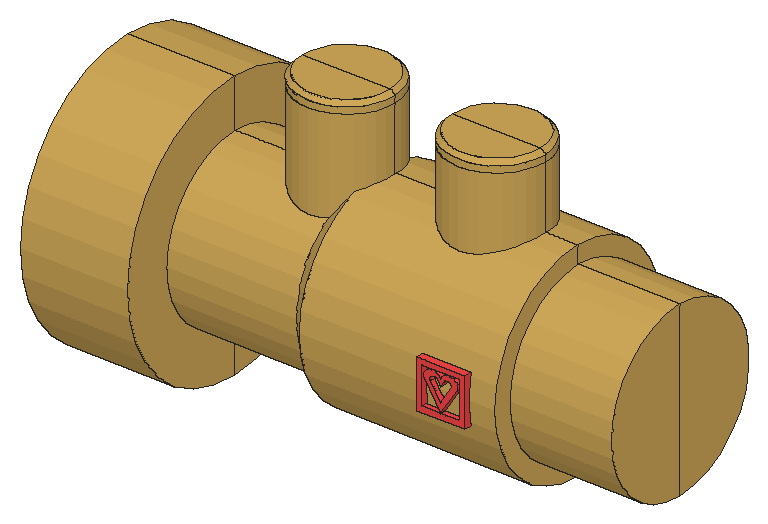
Revit family "Обратный клапан 2623", category Rohrzubehör, Revit 2018
Family settings
  Bemaßung runder Anschluss = Durchmesser verwenden
  Teiletyp = Unterbricht
  OmniClass-Nummer = 23.65.55.14
  OmniClass-Titel = Valves for Liquid Services
  Arbeitsebenenbasiert = Nein
  Immer vertikal = Ja
  Beim Laden mit Abzugskörper schneiden = Nein
  Gemeinsam genutzt = Nein
Parameters
  Уплотнение = "EPDM"  # constant formula
  Резьба = "согласно ISO 228"  # constant formula
  Примечание = "В соответствии со статьей 33 Регламента REACH (Registration; Evaluation; Authorisation; Restriction of Chemicals) (EC № 1907/2006) мы обязаны указать, что свинец внесен в список SVHC (Substances of Very High Concern - вещества очень высокой важности) и весовой процент свинца во всех латунных компонентах заводского изготовления в наших изделиях, превышает 0,1 % (w/w) (CAS: 7439-92-1 / EINECS: 231-100-4).\r\nПоскольку свинец является легирующим компонентом сплава, прямое негативное влияние исключается, и поэтому дополнительной информации о безопасном использовании не требуется."
  Область применения = "Может использоваться в системах отопления, в инженерных системах и сооружениях для предотвращения движения потока в обратном направлении.\r\nЭто изделие может использоваться с различными средами, при этом жидкости должны быть чистыми.\r\nКлапан может монтироваться в любом положении.\r\nНаправление движения потока указано стрелкой на корпусе клапана.\r\nОбратный клапан подпружинен с помощью осевой направляющей и может работать как при высоком, так и при низком давлении.\r\nВ корпусе есть два отверстия для замеров, в каждое из которых установлены заглушки 1/4\"."
  Номер заказа [instance] = size_lookup("2623_", "Artnr", 0, Nennweite)  # 1262304
  Мин. рабочая температура (вода) = 0.5 °C  # constant formula
  Мин. рабочая температура = -10 °C  # constant formula
  Макс. рабочее давление = 1600000.0 Pa  # constant formula
  Макс. рабочая температура = 95 °C  # constant formula
  Корпус = "штампованная латунь согласно EN 12420"  # constant formula
  W01 = 45.00°  # constant formula
  URL = "www.herz-armaturen.ru"
  Заглушка = "латунь"  # constant formula
  SC_NennweiteBerechnet = 0
  SC_Dimension = ""
  SCTWSEQ = "FW;SBT_TYP_FW=\"108\";2"
  SCTWCODE = "04;14;02"  # constant formula
  S03 = 10.00 mm  # constant formula
  S02 [instance] = L00 / 2  # 44.00 mm
  S01 [instance] = (L00 / 2) + L07 - L06  # 59.00 mm
  Обратный клапан = "POM (корпус),  NBR (O-Ring), нержавеющая сталь AISI 302 (пружина)"  # constant formula
  R01 = 9.00 mm  # constant formula
  Nennweite [instance] = 32.00 mm
  Среда = "чистая вода"  # constant formula
  LO1 [instance] = if(Nennweite = 20.00 mm, 18.00 mm, if(Nennweite = 25.00 mm, 18.00 mm, if(Nennweite = 32.00 mm, 24.00 mm, 1.00 mm)))  # 24.00 mm
  L07 [instance] = size_lookup("2623_", "L7", 1.00 mm, Nennweite)  # 20.00 mm
  L06 [instance] = size_lookup("2623_", "L6", 1.00 mm, Nennweite)  # 5.00 mm
  L05 [instance] = size_lookup("2623_", "L5", 1.00 mm, Nennweite) + L04  # 53.90 mm
  L04 [instance] = size_lookup("2623_", "L4", 1.00 mm, Nennweite)  # 25.90 mm
  L03 [instance] = size_lookup("2623_", "L3", 1.00 mm, Nennweite)  # 19.00 mm
  L02 [instance] = size_lookup("2623_", "L2", 1.00 mm, Nennweite)  # 32.50 mm
  L01 [instance] = size_lookup("2623_", "L1", 1.00 mm, Nennweite)  # 2.50 mm
  L00 [instance] = size_lookup("2623_", "L", 1.00 mm, Nennweite)  # 88.00 mm
  IG [instance] = Nennweite / 2  # 16.00 mm
  Hersteller = "HERZ Armaturen Ges.m.b.H."  # constant formula
  H02 = 2.00 mm  # constant formula
  H01 [instance] = size_lookup("2623_", "H1", 1.00 mm, Nennweite)  # 31.00 mm
  GT [instance] = size_lookup("2623_", "GT", 1.00 mm, Nennweite)  # 12.00 mm
  Накидная гайка = "штампованная латунь"  # constant formula
  D04 [instance] = size_lookup("2623_", "D4", 1.00 mm, Nennweite)  # 25.00 mm
  D03 [instance] = size_lookup("2623_", "D3", 1.00 mm, Nennweite)  # 19.30 mm
  D02 [instance] = size_lookup("2623_", "D2", 1.00 mm, Nennweite)  # 16.00 mm
  D01 [instance] = size_lookup("2623_", "D1", 1.00 mm, Nennweite)  # 18.90 mm
  AG [instance] = Nennweite / 2  # 16.00 mm
Reference planes
  plane 1 "Mitte (Vorne/hinten)": y = 0
  plane 2: z = 0
  plane 3 "Mitte (Links/rechts)": x = 0
Forms (mm)
  Revolve 1, solid, material "Messing, weicher Gelbton, geschweißt", detail levels fine
    sketch origin (0, 0, 0) x (1, 0, 0) y (0, 0, 1)
      loop
        line (-44, 0) -> (44, 0) -> (44, 16) -> (25, 16) -> (25, 19.3) -> (-11.5, 19.3) -> (-14.8, 16) -> (-41.5, 16) -> (-41.5, 18.9) -> (-44, 18.9) -> (-44, 0)
      axis (-44, 0) -> (44, 0)
    angle from 0 to 360
  Revolve 2, solid, material "Messing, weicher Gelbton, geschweißt", detail levels fine
    sketch origin (0, 0, 0) x (1, 0, 0) y (0, 0, 1)
      loop
        line (-18.1, 0) -> (-9.1, 0) -> (-9.1, 31) -> (-18.1, 31) -> (-18.1, 0)
      axis (-18.1, 31) -> (-18.1, 0)
    angle from 0 to 360
  Revolve 3, solid, material "Messing, weicher Gelbton, geschweißt", detail levels fine
    sketch origin (0, 0, 0) x (1, 0, 0) y (0, 0, 1)
      loop
        line (9.9, 0) -> (18.9, 0) -> (18.9, 31) -> (9.9, 31) -> (9.9, 0)
      axis (9.9, 31) -> (9.9, 0)
    angle from 0 to 360
  Revolve 4, solid, material "Messing, weicher Gelbton, geschweißt", detail levels fine
    sketch origin (0, 0, 0) x (1, 0, 0) y (0, 0, 1)
      loop
        line (-39, 0) -> (-39, 25) -> (-59, 25) -> (-59, 16) -> (-47, 16) -> (-47, 0) -> (-39, 0)
      axis (-59, 0) -> (-39, 0)
    angle from 0 to 360
  Revolve 5, solid, material "Messing, weicher Gelbton, geschweißt", detail levels fine
    sketch origin (0, 0, 0) x (1, 0, 0) y (0, 0, 1)
      loop
        line (-18.1, 31) -> (-9.1, 31) -> (-9.1, 32.2) -> (-9.9, 33) -> (-18.1, 33) -> (-18.1, 31)
      axis (-18.1, 33) -> (-18.1, 31)
    angle from 0 to 360
  Revolve 6, solid, material "Messing, weicher Gelbton, geschweißt", detail levels fine
    sketch origin (0, 0, 0) x (1, 0, 0) y (0, 0, 1)
      loop
        line (9.9, 31) -> (18.9, 31) -> (18.9, 32.2) -> (18.1, 33) -> (9.9, 33) -> (9.9, 31)
      axis (9.9, 31) -> (9.9, 33)
    angle from 0 to 360
Lines and regions (mm)
  model lines, detail levels coarse+medium
    curve 1: line (-59, 0, 25) -> (-59, 0, -25)
    curve 2: line (-59, 0, 25) -> (44, 0, -25)
    curve 3: line (44, 0, -25) -> (44, 0, 25)
    curve 4: circle (-59, 0, 25) r 10 normal (0, -1, 0)
    curve 5: line (-59, -25, 0) -> (-59, 25, 0)
    curve 6: line (-59, 25, 0) -> (44, -25, 0)
    curve 7: line (44, -25, 0) -> (44, 25, 0)
    curve 8: circle (-59, 25, 0) r 10 normal (0, 0, 1)
Dimensions and locks
  equal spacing: Revolve 1 sketch curve, plane 3 "Mitte (Links/rechts)", Revolve 1 sketch curve
  "L00": Revolve 1 sketch curve to Revolve 1 sketch curve
  "AG": Revolve 1 sketch curve to plane 2
  "L01": Revolve 1 sketch curve to Revolve 1 sketch curve
  "L02": Revolve 1 sketch curve to Revolve 1 sketch curve
  "D01": Revolve 1 sketch curve to plane 2
  "D02": Revolve 1 sketch curve to plane 2
  "D03": Revolve 1 sketch curve to plane 2
  "L03": Revolve 1 sketch curve to Revolve 1 sketch curve
  "R01": Revolve 2 sketch curve to Revolve 2 sketch curve
  "H01": Revolve 2 sketch curve to plane 2
  "L04": Revolve 1 to Revolve 2 sketch curve
  "L05": Revolve 1 to Revolve 3 sketch curve
  "R01": Revolve 3 sketch curve to Revolve 3 sketch curve
  "H01": Revolve 3 sketch curve to plane 2
  "D03": nested 1 to plane 1 "Mitte (Vorne/hinten)"
  "LO1": nested 1 to Revolve 1
  "L06": Revolve 1 to Revolve 4 sketch curve
  "L07": Revolve 4 sketch curve to Revolve 4 sketch curve
  "GT": Revolve 4 sketch curve to Revolve 4 sketch curve
  "D04": Revolve 4 sketch curve to plane 2
  "IG": Revolve 4 sketch curve to Revolve 4 sketch curve
  "H01": Revolve 5 sketch curve to plane 2
  "H02": Revolve 5 sketch curve to Revolve 5 sketch curve
  "R01": Revolve 5 sketch curve to Revolve 5 sketch curve
  "L04": Revolve 1 to Revolve 5 sketch curve
  "R01": Revolve 6 sketch curve to Revolve 6 sketch curve
  "H01": Revolve 6 sketch curve to plane 2
  "H02": Revolve 6 sketch curve to Revolve 6 sketch curve
  "L05": Revolve 6 sketch curve to Revolve 1
  "D04": curve 2 to plane 2 to curve 1
  "D04": curve 3 to plane 2 to curve 3
  "S01": curve 1 to plane 3 "Mitte (Links/rechts)"
  "S02": curve 3 to plane 3 "Mitte (Links/rechts)"
  "S01": plane 3 "Mitte (Links/rechts)" to curve 4
  "D04": curve 5 to plane 1 "Mitte (Vorne/hinten)" to curve 6
  "D04": curve 7 to plane 1 "Mitte (Vorne/hinten)" to curve 7
  "S01": curve 5 to plane 3 "Mitte (Links/rechts)"
  "S02": plane 3 "Mitte (Links/rechts)" to curve 7
  "S01": curve 8 to plane 3 "Mitte (Links/rechts)"
  "S03": radius of curve 4
  "S03": radius of curve 8
  "W01": angle Revolve 1 sketch curve to Revolve 1 sketch curve
  "W01": angle Revolve 5 sketch curve to Revolve 5 sketch curve
  "W01": angle Revolve 6 sketch curve to Revolve 6 sketch curve
  aligned and locked: level to plane 2
Automatic sketch dimensions
  curve 4 to curve 1 = 0.00 mm
  curve 8 to curve 5 = 0.00 mm
  Revolve 1 sketch curve to level = 0.00 mm  (x2)
  Revolve 1 sketch curve to Revolve 1 sketch curve = 0.00 mm
  Revolve 1 sketch curve to Revolve 1 sketch curve = 1805.148 mm
  Revolve 2 sketch curve to level = 0.00 mm  (x2)
  Revolve 2 sketch curve to Revolve 2 sketch curve = 0.00 mm  (x2)
  Revolve 3 sketch curve to level = 0.00 mm  (x2)
  Revolve 3 sketch curve to Revolve 3 sketch curve = 0.00 mm  (x2)
  Revolve 4 sketch curve to level = 0.00 mm  (x2)
  Revolve 4 sketch curve to Revolve 4 sketch curve = 1461.53 mm
  plane 3 "Mitte (Links/rechts)" to Revolve 4 sketch curve = 1839.148 mm
  Revolve 5 sketch curve to Revolve 5 sketch curve = 0.00 mm  (x3)
  Revolve 5 sketch curve to Revolve 5 sketch curve = 0.80 mm
  Revolve 6 sketch curve to Revolve 6 sketch curve = 0.00 mm  (x3)
  Revolve 6 sketch curve to Revolve 6 sketch curve = 0.80 mm
Nested families
  nested 1: "Herz-Logo-vorne" at (15.5, -19.3, 0) x (0, 1, 0) z (0, 0, 1), type "Herz-Logo-vorne", detail levels fine
Connectors
  piping at (44, 0, 0), diameter 32, driven by "Nennweite"
    settings: on Revolve 1, index 2, connector inside diameter 609.6 mm, connector length 0.00 mm, flow factor 0, pipe flow 0.0 L/s, pressure drop 0.0 Pa, fitting loss kfactor 0, connector angle 0.00°, fixture units 0, engagement length 0.00 mm, angle of deflection 0.00°, flow configuration 0, flow direction 2, fitting loss method 0, system type 29, joint type 0, gender type 0, connector reference index -1, connector utility 0, adjustable connector no, is connector primary yes, connector description ""
  piping at (-47, 0, 0), diameter 32, driven by "Nennweite"
    settings: on Revolve 4, index 3, connector inside diameter 609.6 mm, connector length 0.00 mm, flow factor 0, pipe flow 0.0 L/s, pressure drop 0.0 Pa, fitting loss kfactor 0, connector angle 0.00°, fixture units 0, engagement length 0.00 mm, angle of deflection 0.00°, flow configuration 0, flow direction 1, fitting loss method 0, system type 29, joint type 0, gender type 0, connector reference index -1, connector utility 0, adjustable connector no, is connector primary no, connector description ""
Definition of nested family "Herz-Logo-vorne"
  Reference planes
    plane 1 "Mitte (Vorne/hinten)": y = 0
    plane 2: z = 0
    plane 3 "Mitte (Links/rechts)": x = 0
  Forms (mm)
    Extrusion 1, solid
      sketch origin (0.732, -0.018, 0.017) x (0, -1, 0) y (0, 0, 1)
        loop
          line (-0.018, -4.517) -> (4.482, -4.517) -> (4.482, 4.483) -> (-4.518, 4.483) -> (-4.518, -4.517) -> (-0.018, -4.517)
        loop
          line (-0.05, -3.48) -> (3.482, -3.48) -> (3.482, 3.483) -> (-3.518, 3.483) -> (-3.518, -3.48) -> (-0.05, -3.48)
        loop
          arc (-0.018, 2.383) -> (-1.543, 3.287) -> (-3.067, 2.383) r 1.738
          arc (-3.067, 2.383) -> (-3.191, 1.899) -> (-3.067, 1.415) r 1.009
          line (-3.067, 1.415) -> (-0.018, -3.281) -> (3.032, 1.415)
          arc (3.032, 1.415) -> (3.156, 1.899) -> (3.032, 2.383) r 1.009
          arc (3.032, 2.383) -> (1.507, 3.287) -> (-0.018, 2.383) r 1.738
        loop
          arc (1.885, 1.272) -> (2.005, 1.675) -> (1.885, 2.079) r 0.74
          arc (1.885, 2.079) -> (1.265, 2.416) -> (0.644, 2.079) r 0.74
          line (0.644, 2.079) -> (-0.018, 0.97) -> (-0.679, 2.079)
          arc (-0.679, 2.079) -> (-1.3, 2.416) -> (-1.921, 2.079) r 0.74
          arc (-1.921, 2.079) -> (-2.04, 1.675) -> (-1.921, 1.272) r 0.74
          line (-1.921, 1.272) -> (-0.018, -1.658) -> (1.885, 1.272)
      from 0 to 1.5
  Dimensions and locks
    aligned and locked: level to plane 2
